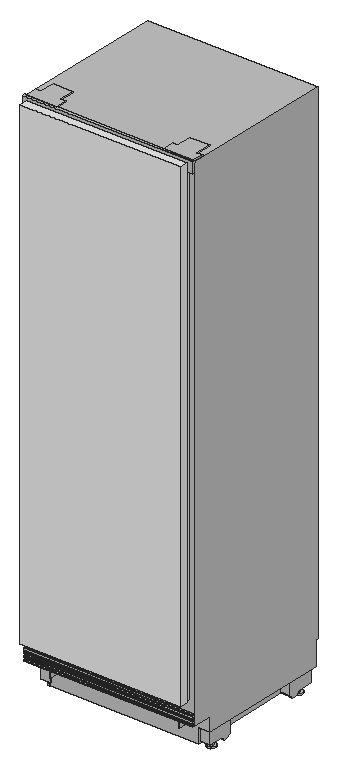
Revit family "FP-Revit18-en-RS2474F3LJ1-Freezer-0-US-CA-90002450A", category Specialty Equipment, Revit 2018
Family settings
  Round Connector Dimension = Use Diameter
  Part Type = Normal
  OmniClass Number = 23.40.40.11.11
  OmniClass Title = Refrigerators and Freezers
  Work Plane-Based = No
  Always vertical = Yes
  Cut with Voids When Loaded = Yes
  Shared = No
  Room Calculation Point = No
Parameters (values of type "RS2474F3LJ1")
  Visibility - Toe Kick Panel [instance] = no
  Visibility - Clearance Required [instance] = yes
  URL = "www.fisherpaykel.com"
  Panel - Width [instance] = 592 mm
  Panel - Thickness [instance] = 19 mm
  Panel - FFL to Bottom of Bottom Panel (15mm - 150mm) [instance] = 102 mm
  Toe Kick - Recess [instance] = 63 mm
  Stainless Steel Door Panels (RD2474L) [instance] = no
  Product - Width = 592 mm  # constant formula
  Product - Height [instance] = ([Cavity - Height (1870mm - 1890mm)])  # 1880 mm
  Product - Depth (exl front panel) = 579 mm  # constant formula
  Model = "RS2474F3LJ1"
  Material - Door Structure = Fisher & Paykel - White
  Material - Door Front [instance] = Fisher & Paykel - Stainless Steel
  Material - Body = Fisher & Paykel - Grey
  Manufacturer = "Fisher & Paykel Appliances"
  Handle Style - Professional Round Flush (AHP3RDS74) [instance] = no
  Handle Style - Contemporary Square Fine Black (AHD5RDS74B) [instance] = no
  Handle Style - Contemporary Square Fine (AHD5RDS74) [instance] = no
  Handle Style - Contemporary Round (AHSRDS74) [instance] = no
  Handle Style - Classic Round (AHCLRDSF) [instance] = no
  Description = "24\" Integrated Freezer"
  Connector Description - Water = "min 275 kPa (40 psi) max 827 kPa (120 psi)"
  Connector Description - Electrical = "120 V, 60 Hz, 10 A circuit"
  Cavity - Width = 600 mm  # constant formula
  Cavity - Height (1870mm - 1890mm) [instance] = 1880 mm
  Panel - FFL to Top of Top Panel (1867mm min) [instance] = 1877 mm
  Cavity - Depth (600mm min with services external) = 600 mm
Reference planes
  plane 1 "Datum": y = 0
  plane 2: z = 0
  plane 3 "Center (Left/Right)": x = 0
  plane 4 "Product LHS": x = -296
  plane 5 "Product RHS": x = 296
  plane 6 "Product - Depth": y = 579
  plane 7: x = -300
  plane 8: x = 300
  plane 9 "Cavity - Depth": y = 581
  plane 10 "Product Height": z = 1880
  plane 11 "Cavity Height": z = 1880
  plane 12 "Panel Thickness": y = -19
  plane 13 "Base": z = 14.497
Forms (mm)
  Extrusion 1, solid, material "Fisher & Paykel - Grey" <- "Material - Body"
    sketch origin (0, 0, 0) x (0, 1, 0) y (0, 0, 1)
      loop
        line (108, 62.997) -> (571.5, 62.997) -> (571.5, 149.997) -> (579, 149.997) -> (579, 1875.998) -> (42.5, 1875.998) -> (42.5, 110.697) -> (108, 110.697) -> (108, 62.997)
    from -296 to 296
  Extrusion 2, solid, material "Fisher & Paykel - Grey" <- "Material - Body"
    sketch origin (0, 0, 0) x (1, 0, 0) y (0, 0, 1)
      loop
        circle (87.23, 31.993) r 5
      loop
        circle (-241.922, 42) r 6
    from -579 to -571.5
  Extrusion 3, solid, material "Fisher & Paykel - Stainless Steel" <- "Material - Door Front", visible <- "Stainless Steel Door Panels (RD2474L)"
    sketch origin (0, 0, 21.503) x (0, 1, 0) y (0, 0, 1)
      loop
        line (-19, 1855.497) -> (-19, 80.497) -> (0, 80.497) -> (0, 1855.497) -> (-19, 1855.497)
    from -296 to 296
  Extrusion 4, solid, material "Fisher & Paykel - Clearance Required", visible <- "Visibility - Clearance Required", detail levels coarse
    sketch origin (0, 0, 0) x (1, 0, 0) y (0, 1, 0)
      loop
        line (-300, 581) -> (-300, 0) -> (300, 0) -> (300, 581) -> (-300, 581)
    from 0 to 1880
  Extrusion 5, solid, material "Fisher & Paykel - White" <- "Material - Door Structure"
    sketch origin (0, 0, 0) x (1, 0, 0) y (0, 1, 0)
      loop
        line (-280, 28.4) -> (-280, 0) -> (280, 0) -> (280, 28.4) -> (-280, 28.4)
    from 183.947 to 1872.747
  Extrusion 6, solid, material "Fisher & Paykel - White" <- "Material - Door Structure"
    sketch origin (0, 0, 0) x (1, 0, 0) y (0, 1, 0)
      loop
        line (-274.25, 42.5) -> (-274.25, 28.4) -> (274.25, 28.4) -> (274.25, 42.5) -> (-274.25, 42.5)
    from 185.35 to 1838.148
  Extrusion 7, solid, material "Fisher & Paykel - Clearance Required", visible <- "Visibility - Clearance Required", detail levels coarse
    sketch origin (0, -8.858, 0) x (1, 0, 0) y (0, 1, 0)
      loop
        line (-299.146, -10.142) -> (-539.267, -525.083)
        arc (-539.267, -525.083) -> (23.116, -502.405) -> (296, -10.142) r 574.255
        line (296, -10.142) -> (-299.146, -10.142)
    from 0 to 1880
  Extrusion 8, solid, material "Fisher & Paykel - Grey" <- "Material - Body", detail levels fine
    sketch origin (0, 0, 0) x (0, 1, 0) y (0, 0, 1)
      loop
        line (35.5, 149.997) -> (35.5, 145.997) -> (42.5, 145.997) -> (42.5, 149.997) -> (35.5, 149.997)
      loop
        line (35.5, 138.233) -> (35.5, 134.233) -> (42.5, 134.233) -> (42.5, 138.233) -> (35.5, 138.233)
      loop
        line (35.5, 114.697) -> (35.5, 110.697) -> (42.5, 110.697) -> (42.5, 114.697) -> (35.5, 114.697)
      loop
        line (35.5, 126.467) -> (35.5, 122.467) -> (42.5, 122.467) -> (42.5, 126.467) -> (35.5, 126.467)
      loop
        line (33.5, 1880) -> (33.5, 1842.094) -> (42.5, 1842.094) -> (42.5, 1880) -> (33.5, 1880)
    from -296 to 296
  Extrusion 9, solid, material "Fisher & Paykel - Grey" <- "Material - Body"
    sketch origin (0, 0, 0) x (0, 1, 0) y (0, 0, 1)
      loop
        line (108, 62.997) -> (108, 14.497) -> (571.5, 14.497) -> (571.5, 62.997) -> (108, 62.997)
    from -259 to 259
  Extrusion 10, solid, material "Fisher & Paykel - Grey" <- "Material - Body"
    sketch origin (0, 0, 0) x (0, 1, 0) y (0, 0, 1)
      loop
        line (199.5, 62.997) -> (109.5, 62.997) -> (109.5, 21.997) -> (161.836, 21.997)
        arc (161.836, 21.997) -> (180.668, 9.967) -> (199.5, 21.997) r 20.754
        line (199.5, 21.997) -> (199.5, 62.997)
      loop
        line (460.586, 62.997) -> (460.586, 21.997)
        arc (460.586, 21.997) -> (479.418, 9.967) -> (498.25, 21.997) r 20.754
        line (498.25, 21.997) -> (550.586, 21.997) -> (550.586, 62.997) -> (460.586, 62.997)
    from 259 to 294
  Extrusion 11, solid, material "Fisher & Paykel - Grey" <- "Material - Body", detail levels fine
    sketch origin (0, 0, 0) x (1, 0, 0) y (0, 1, 0)
      loop
        line (-273, 136.5) -> (-273, 82.6) -> (-291, 82.6) -> (-291, 42.5) -> (-187, 42.5) -> (-187, 82.6) -> (-205, 82.6) -> (-205, 136.5) -> (-273, 136.5)
      loop
        line (273, 136.5) -> (205, 136.5) -> (205, 82.6) -> (187, 82.6) -> (187, 42.5) -> (291, 42.5) -> (291, 82.6) -> (273, 82.6) -> (273, 136.5)
    from 1875.998 to 1880
  Extrusion 12, solid, material "Fisher & Paykel - Stainless Steel" <- "Material - Door Front", visible <- "Visibility - Toe Kick Panel"
    sketch origin (0, 0, 0) x (0, 1, 0) y (0, 0, 1)
      loop
        line (44, 110) -> (44, 0) -> (63, 0) -> (63, 110) -> (44, 110)
    from -296 to 296
  Extrusion 13, solid, material "Fisher & Paykel - Grey" <- "Material - Body", detail levels fine
    sketch origin (0, 0, 0) x (1, 0, 0) y (0, 1, 0)
      loop
        circle (276.5, 140.6) r 15
      loop
        circle (276.5, 519.6) r 15
      loop
        circle (-276.5, 140.6) r 15
      loop
        circle (-276.5, 519.6) r 15
    from 0 to 3
  Extrusion 14, solid, material "Fisher & Paykel - Grey" <- "Material - Body", detail levels fine
    sketch origin (0, 0, 0) x (1, 0, 0) y (0, 1, 0)
      loop
        circle (276.5, 140.6) r 5
      loop
        circle (276.5, 519.6) r 5
      loop
        circle (-276.5, 140.6) r 5
      loop
        circle (-276.5, 519.6) r 5
    from 3 to 21.997
  Extrusion 15, solid, material "Fisher & Paykel - Grey" <- "Material - Body", detail levels fine
    sketch origin (0, 0, 0) x (0, 1, 0) y (0, 0, 1)
      loop
        line (63.1, 70.7) -> (108, 70.7) -> (108, 110.697) -> (63.1, 110.697) -> (63.1, 70.7)
    from 224 to 226
  Extrusion 16, solid, material "Fisher & Paykel - Grey" <- "Material - Body", detail levels fine
    sketch origin (0, 0, 0) x (0, 1, 0) y (0, 0, -1)
      loop
        line (63.1, -70.7) -> (63.1, -110.697) -> (108, -110.697) -> (108, -70.7) -> (63.1, -70.7)
    from 224 to 226
  Extrusion 17, solid, material "Fisher & Paykel - Grey" <- "Material - Body"
    sketch origin (0, 0, 0) x (0, 1, 0) y (0, 0, -1)
      loop
        line (199.5, -62.997) -> (199.5, -21.997)
        arc (199.5, -21.997) -> (180.668, -9.967) -> (161.836, -21.997) r 20.754
        line (161.836, -21.997) -> (109.5, -21.997) -> (109.5, -62.997) -> (199.5, -62.997)
      loop
        line (460.586, -62.997) -> (550.586, -62.997) -> (550.586, -21.997) -> (498.25, -21.997)
        arc (498.25, -21.997) -> (479.418, -9.967) -> (460.586, -21.997) r 20.754
        line (460.586, -21.997) -> (460.586, -62.997)
    from 259 to 294
  Extrusion 18, void
    sketch origin (0, 1060, 0) x (1, 0, 0) y (0, 1, 0)
      loop
        line (-300, -479) -> (-300, -1079) -> (300, -1079) -> (300, -479) -> (-300, -479)
    from 0 to 1880
Cuts and joins
  joined: Extrusion 1, Extrusion 9, Extrusion 10
Text (mm)
  text "Due to ongoing product development, product details are subject to change without notice. \nPlease always refer to www.fisherpaykel.com for the most current product information. \n© Fisher & Paykel 2020" at (41.04, -678.295, 0), in view "Ref. Level (Plan)"
Dimensions and locks
  equal spacing: plane 4 "Product LHS", plane 3 "Center (Left/Right)", plane 5 "Product RHS"
  "Product - Width": plane 4 "Product LHS" to plane 5 "Product RHS"
  "Product - Depth (exl front panel)": plane 1 "Datum" to plane 6 "Product - Depth"
  equal spacing: plane 7, plane 3 "Center (Left/Right)", plane 8
  "Cavity - Width": plane 7 to plane 8
  Extrusion 2 sketch curve to plane 5 "Product RHS" = 208.77 mm
  plane 4 "Product LHS" to Extrusion 2 sketch curve = 54.078 mm
  "Cavity - Height (1870mm - 1890mm)": plane 11 "Cavity Height" to level
  locked: cut or joined group of Extrusion 1, Extrusion 9, Extrusion 10 to plane 10 "Product Height" at 4.002
  "Panel - Thickness": Extrusion 12 to Extrusion 12
  "Toe Kick - Recess": plane 1 "Datum" to Extrusion 12
  "Panel - Thickness": plane 12 "Panel Thickness" to plane 1 "Datum"
  plane 13 "Base" to level = 14.497 mm
  locked: plane 10 "Product Height" to plane 13 "Base" at 1865.503
  locked: plane 10 "Product Height" to plane 11 "Cavity Height" at 0
  locked: cut or joined group of Extrusion 1, Extrusion 9, Extrusion 10 to plane 13 "Base" at 96.2
  locked: cut or joined group of Extrusion 1, Extrusion 9, Extrusion 10 to plane 13 "Base" at 7.5
  locked: Extrusion 5 to plane 13 "Base" at 169.45
  locked: Extrusion 6 to plane 13 "Base" at 1823.65
  locked: Extrusion 5 to plane 13 "Base" at 1858.25
  locked: Extrusion 12 to cut or joined group of Extrusion 1, Extrusion 9, Extrusion 10 at 0.697
  locked: Extrusion 15 to plane 13 "Base" at 56.203
  locked: plane 13 "Base" to Extrusion 6 at 170.853
  locked: Extrusion 8 to plane 13 "Base" at 1827.596
  "Panel - FFL to Top of Top Panel (1867mm min)": Extrusion 3 to level
  "Panel - FFL to Bottom of Bottom Panel (15mm - 150mm)": Extrusion 3 to level
  equal spacing: Extrusion 3, plane 3 "Center (Left/Right)", Extrusion 3
  "Panel - Width": Extrusion 3 to Extrusion 3
  locked: nested 1 to plane 13 "Base" at 1400.997
  "Cavity - Depth (600mm min with services external)": plane 12 "Panel Thickness" to plane 9 "Cavity - Depth"
  locked: nested 2 to plane 13 "Base" at 549
  locked: nested 1 to plane 13 "Base" at 548.997
  locked: nested 3 to plane 13 "Base" at 574.5
  nested 2 to plane 5 "Product RHS" = 62 mm
  locked: nested 5 to plane 13 "Base" at 587.85
  locked: nested 4 to plane 13 "Base" at 602.85
  radius of Extrusion 2 sketch curve = 5 mm
  aligned and locked: level to plane 2
  aligned and locked: Extrusion 1 to plane 5 "Product RHS"
  aligned and locked: plane 4 "Product LHS" to Extrusion 1
  aligned and locked: Extrusion 11 to cut or joined group of Extrusion 1, Extrusion 9, Extrusion 10
  aligned and locked: Extrusion 2 to cut or joined group of Extrusion 1, Extrusion 9, Extrusion 10
  aligned and locked: Extrusion 4 to plane 11 "Cavity Height"
  aligned and locked: Extrusion 8 to plane 10 "Product Height"
  aligned and locked: Extrusion 11 to plane 10 "Product Height"
  aligned and locked: Extrusion 3 to Extrusion 7
  aligned and locked: Extrusion 9 to plane 13 "Base"
  aligned and locked: cut or joined group of Extrusion 1, Extrusion 9, Extrusion 10 to cut or joined group of Extrusion 1, Extrusion 9, Extrusion 10  (x4)
  aligned and locked: Extrusion 15 to cut or joined group of Extrusion 1, Extrusion 9, Extrusion 10
  aligned and locked: Extrusion 8 to cut or joined group of Extrusion 1, Extrusion 9, Extrusion 10
  aligned and locked: Extrusion 16 to Extrusion 8
  aligned and locked: Extrusion 16 to Extrusion 15
  aligned and locked: Extrusion 10 to Extrusion 1
  aligned and locked: Extrusion 14 to cut or joined group of Extrusion 1, Extrusion 9, Extrusion 10
  aligned and locked: Extrusion 7 to plane 11 "Cavity Height"
  aligned and locked: plane 12 "Panel Thickness" to nested 2
  aligned and locked: plane 12 "Panel Thickness" to nested 3
  aligned and locked: plane 12 "Panel Thickness" to Extrusion 18
  aligned and locked: Extrusion 18 to plane 10 "Product Height"
  aligned and locked: Extrusion 18 to level
  aligned and locked: plane 9 "Cavity - Depth" to Extrusion 18
  aligned and locked: Extrusion 18 to plane 8
  aligned and locked: Extrusion 18 to plane 7
  aligned and locked: plane 12 "Panel Thickness" to nested 4
  aligned and locked: plane 12 "Panel Thickness" to nested 5
Automatic sketch dimensions
  Extrusion 1 sketch curve to plane 6 "Product - Depth" = 0 mm
  Extrusion 1 sketch curve to plane 6 "Product - Depth" = 7.5 mm
  plane 13 "Base" to Extrusion 1 sketch curve = 48.5 mm
  Extrusion 1 sketch curve to plane 1 "Datum" = 108 mm
  plane 10 "Product Height" to Extrusion 1 sketch curve = 4.002 mm
  Extrusion 1 sketch curve to plane 1 "Datum" = 42.5 mm
  Extrusion 1 sketch curve to Extrusion 1 sketch curve = 47.7 mm
  Extrusion 1 sketch curve to Extrusion 1 sketch curve = 87 mm
  plane 13 "Base" to Extrusion 2 sketch curve = 17.495 mm
  plane 13 "Base" to Extrusion 2 sketch curve = 27.503 mm
  Extrusion 3 sketch curve to plane 12 "Panel Thickness" = 0 mm
  Extrusion 3 sketch curve to plane 1 "Datum" = 0 mm
  plane 13 "Base" to Extrusion 3 sketch curve = 87.503 mm
  plane 10 "Product Height" to Extrusion 3 sketch curve = 3 mm
  plane 1 "Datum" to Extrusion 4 sketch curve = 0 mm
  Extrusion 4 sketch curve to plane 7 = 0 mm
  Extrusion 4 sketch curve to plane 8 = 0 mm
  Extrusion 4 sketch curve to plane 9 "Cavity - Depth" = 0 mm
  plane 1 "Datum" to Extrusion 5 sketch curve = 0 mm
  Extrusion 5 sketch curve to plane 4 "Product LHS" = 16 mm
  plane 5 "Product RHS" to Extrusion 5 sketch curve = 16 mm
  Extrusion 5 sketch curve to plane 1 "Datum" = 28.4 mm
  Extrusion 6 sketch curve to plane 4 "Product LHS" = 21.75 mm
  plane 5 "Product RHS" to Extrusion 6 sketch curve = 21.75 mm
  Extrusion 6 sketch curve to plane 1 "Datum" = 28.4 mm
  Extrusion 6 sketch curve to Extrusion 6 sketch curve = 14.1 mm
  plane 12 "Panel Thickness" to Extrusion 7 sketch curve = 0 mm
  Extrusion 7 sketch curve to plane 5 "Product RHS" = 0 mm
  plane 12 "Panel Thickness" to Extrusion 7 sketch curve = 3.437 mm
  Extrusion 7 sketch curve to plane 4 "Product LHS" = 17.755 mm
  Extrusion 7 sketch curve to plane 7 = 0.854 mm
  plane 7 to Extrusion 7 sketch curve = 239.267 mm
  plane 10 "Product Height" to Extrusion 8 sketch curve = 0 mm
  Extrusion 8 sketch curve to plane 1 "Datum" = 33.5 mm
  Extrusion 8 sketch curve to plane 1 "Datum" = 35.5 mm
  Extrusion 8 sketch curve to Extrusion 8 sketch curve = 0 mm  (x3)
  Extrusion 8 sketch curve to Extrusion 8 sketch curve = 7 mm  (x4)
  Extrusion 8 sketch curve to Extrusion 8 sketch curve = 9 mm
  Extrusion 8 sketch curve to Extrusion 8 sketch curve = 37.906 mm
  plane 13 "Base" to Extrusion 8 sketch curve = 135.5 mm
  Extrusion 8 sketch curve to Extrusion 8 sketch curve = 4 mm  (x4)
  Extrusion 8 sketch curve to Extrusion 8 sketch curve = 7.764 mm
  Extrusion 8 sketch curve to Extrusion 8 sketch curve = 7.767 mm
  Extrusion 8 sketch curve to Extrusion 8 sketch curve = 7.769 mm
  Extrusion 9 sketch curve to plane 13 "Base" = 0 mm
  Extrusion 9 sketch curve to plane 1 "Datum" = 108 mm
  Extrusion 9 sketch curve to plane 6 "Product - Depth" = 7.5 mm
  Extrusion 9 sketch curve to Extrusion 9 sketch curve = 48.5 mm
  plane 13 "Base" to Extrusion 10 sketch curve = 48.5 mm
  Extrusion 10 sketch curve to plane 1 "Datum" = 109.5 mm
  plane 13 "Base" to Extrusion 10 sketch curve = 7.5 mm  (x2)
  Extrusion 10 sketch curve to Extrusion 10 sketch curve = 52.336 mm
  Extrusion 10 sketch curve to Extrusion 10 sketch curve = 18.832 mm  (x4)
  Extrusion 10 sketch curve to plane 6 "Product - Depth" = 118.414 mm
  Extrusion 10 sketch curve to plane 6 "Product - Depth" = 28.414 mm
  plane 13 "Base" to Extrusion 10 sketch curve = 16.224 mm  (x2)
  Extrusion 10 sketch curve to Extrusion 10 sketch curve = 41 mm
  Extrusion 11 sketch curve to plane 4 "Product LHS" = 5 mm
  Extrusion 11 sketch curve to Extrusion 11 sketch curve = 18 mm  (x3)
  Extrusion 11 sketch curve to Extrusion 11 sketch curve = 68 mm
  plane 5 "Product RHS" to Extrusion 11 sketch curve = 109 mm
  plane 5 "Product RHS" to Extrusion 11 sketch curve = 23 mm
  plane 5 "Product RHS" to Extrusion 11 sketch curve = 5 mm
  Extrusion 11 sketch curve to plane 1 "Datum" = 42.5 mm  (x2)
  Extrusion 11 sketch curve to Extrusion 11 sketch curve = 40.1 mm  (x4)
  Extrusion 11 sketch curve to Extrusion 11 sketch curve = 53.9 mm  (x2)
  Extrusion 12 sketch curve to level = 0 mm
  Extrusion 12 sketch curve to plane 1 "Datum" = 44 mm
  Extrusion 12 sketch curve to Extrusion 12 sketch curve = 19 mm
  plane 13 "Base" to Extrusion 12 sketch curve = 95.503 mm
  Extrusion 13 sketch curve to plane 4 "Product LHS" = 19.5 mm  (x2)
  plane 5 "Product RHS" to Extrusion 13 sketch curve = 19.5 mm  (x2)
  Extrusion 13 sketch curve to plane 1 "Datum" = 140.6 mm  (x2)
  Extrusion 13 sketch curve to plane 6 "Product - Depth" = 59.4 mm  (x2)
  Extrusion 14 sketch curve to plane 4 "Product LHS" = 19.5 mm  (x2)
  plane 5 "Product RHS" to Extrusion 14 sketch curve = 19.5 mm  (x2)
  Extrusion 14 sketch curve to plane 1 "Datum" = 140.6 mm  (x2)
  Extrusion 14 sketch curve to plane 6 "Product - Depth" = 59.4 mm  (x2)
  Extrusion 15 sketch curve to plane 1 "Datum" = 63.1 mm
  Extrusion 15 sketch curve to Extrusion 15 sketch curve = 44.9 mm
  plane 13 "Base" to Extrusion 15 sketch curve = 56.203 mm
  Extrusion 15 sketch curve to Extrusion 15 sketch curve = 39.997 mm
  Extrusion 16 sketch curve to plane 1 "Datum" = 63.1 mm
  Extrusion 16 sketch curve to Extrusion 16 sketch curve = 44.9 mm
  plane 13 "Base" to Extrusion 16 sketch curve = 96.2 mm
  Extrusion 16 sketch curve to Extrusion 16 sketch curve = 39.997 mm
  plane 13 "Base" to Extrusion 17 sketch curve = 48.5 mm
  Extrusion 17 sketch curve to plane 1 "Datum" = 109.5 mm
  plane 13 "Base" to Extrusion 17 sketch curve = 7.5 mm  (x2)
  Extrusion 17 sketch curve to Extrusion 17 sketch curve = 52.336 mm
  Extrusion 17 sketch curve to Extrusion 17 sketch curve = 18.832 mm  (x4)
  Extrusion 17 sketch curve to plane 6 "Product - Depth" = 118.414 mm
  Extrusion 17 sketch curve to plane 6 "Product - Depth" = 28.414 mm
  Extrusion 17 sketch curve to Extrusion 17 sketch curve = 41 mm
  plane 13 "Base" to Extrusion 17 sketch curve = 16.224 mm  (x2)
  Extrusion 18 sketch curve to plane 7 = 0 mm
  Extrusion 18 sketch curve to plane 8 = 0 mm
  Extrusion 18 sketch curve to plane 9 "Cavity - Depth" = 600 mm
  Extrusion 18 sketch curve to Extrusion 18 sketch curve = 600 mm
  radius of Extrusion 2 sketch curve = 6 mm
  radius of Extrusion 13 sketch curve = 15 mm  (x4)
  radius of Extrusion 14 sketch curve = 5 mm  (x4)
Nested families
  nested 1: "F&P Handle Kit - Contemporary Square Fine - Vertical" at (234, -19, 989.495), visible <- "Handle Style - Contemporary Square Fine (AHD5RDS74)", type "AHD5RDS74 - Contemporary square fine handle 852mm"
  nested 2: "F&P Handle Kit - Contemporary Square Fine - Vertical" at (234, -19, 989.497), visible <- "Handle Style - Contemporary Square Fine Black (AHD5RDS74B)", type "AHD5RDS74B - Contemporary square fine black handle 852mm"
  nested 3: "F&P Handle Kit - Professional Round Flush - Vertical" at (234, -19, 989.497), visible <- "Handle Style - Professional Round Flush (AHP3RDS74)", type "AHP3RDS74 - Professional round flush handle 801mm"
  nested 4: "F&P Handle Kit - Classic Round - Vertical" at (234, -19, 1028.347), visible <- "Handle Style - Classic Round (AHCLRDSF)", type "26591 AHCLRDSF US - Classic round handle (Vertical) 822mm"
  nested 5: "F&P Handle Kit - Contemporary Round - Vertical" at (234, -19, 1028.347), visible <- "Handle Style - Contemporary Round (AHSRDS74)", type "26238 AHSRDS74 - Contemporary round handle (vertical) 852mm"
Connectors
  electrical at (87.23, 579, 31.993), driven by "Connector Description - Electrical"
    settings: on Extrusion 2, index 1, voltage 120 V, apparent load 0 VA, apparent load phase1 0 VA, apparent load phase2 0 VA, apparent load phase3 0 VA, power factor 1, load classification "Other", number of poles 1, system type 30, power factor state 1, is connector primary yes, connector utility no, sub classification motor no, connector description "120 V, 60 Hz, 10 A circuit"
  piping at (-241.922, 579, 42), diameter 11, driven by "Connector Description - Water"
    settings: on Extrusion 2, index 2, connector inside diameter 609.6 mm, connector length 0 mm, flow factor 0, pipe flow 0.0 L/s, pressure drop 0.0 Pa, fitting loss kfactor 0, connector angle 0.00°, fixture units 0, engagement length 0 mm, angle of deflection 0.00°, flow configuration 0, flow direction 1, fitting loss method 0, system type 20, joint type 0, gender type 0, connector reference index -1, connector utility 0, adjustable connector no, is connector primary yes, connector description "min 275 kPa (40 psi) max 827 kPa (120 psi)"
Definition of nested family "F&P Handle Kit - Contemporary Square Fine - Vertical"
  Parameters (values of type "AHD5RDS19 - Contemporary square fine handle 852mm")
    URL = "www.fisherpaykel.com"
    Material - Handle = none
    Manufacturer = "Fisher & Paykel Appliances"
    Handle - Length = 852 mm
  Types (22, lengths in mm): name | Handle - Length
    AHD5RD2484W - Contemporary square fine handle (1 of 2) (Vertical) 727mm | 727
    AHD5RD2484WB - Contemporary square fine black handle (1 of 2) (Vertical) 727mm | 727
    AHD5RD3084W - Contemporary square fine handle (1 of 2) (Vertical) 727mm | 727
    AHD5RD3084WB - Contemporary square fine black handle (1 of 2) (Vertical) 727mm | 727
    AHD5RD6121W - Contemporary square fine handle (1 of 2) (Vertical) 727mm | 727
    AHD5RD6121WB - Contemporary square fine black handle (1 of 2) (Vertical) 727mm | 727
    AHD5RD7621W - Contemporary square fine handle (1 of 2) (Vertical) 727mm | 727
    AHD5RD7621WB - Contemporary square fine black handle (1 of 2) (Vertical) 727mm | 727
    AHD5RD36A - Contemporary square fine handle (1 of 2) (Vertical) 727mm | 727
    AHD5RD36AB - Contemporary square fine black handle (1 of 2) (Vertical) 727mm | 727
    AHD5RD80A - Contemporary square fine handle (1 of 2) (Vertical) 727mm | 727
    AHD5RD90A - Contemporary square fine handle (1 of 2) (Vertical) 727mm | 727
    AHD5RD80AB - Contemporary square fine black handle (1 of 2) (Vertical) 727mm | 727
    AHD5RD90AB - Contemporary square fine black handle (1 of 2) (Vertical) 727mm | 727
    AHD5RD36W - Contemporary square fine handle (1 of 2) (Vertical) 727mm | 727
    AHD5RD36WB - Contemporary square fine handle (1 of 2) (Vertical) 727mm | 727
    AHD5RD9120WB - Contemporary square fine handle (1 of 2) (Vertical) 727mm | 727
    AHD5RD9120W - Contemporary square fine handle (1 of 2) (Vertical) 727mm | 727
    AHD5RDS19B - Contemporary square fine black handle 852mm | 852
    AHD5RDS19 - Contemporary square fine handle 852mm | 852
    AHD5RDS74B - Contemporary square fine black handle 852mm | 852
    AHD5RDS74 - Contemporary square fine handle 852mm | 852
  Reference planes
    plane 1 "Center (Front/Back)": y = 0
    plane 2: z = 0
    plane 3 "Center (Left/Right)": x = 0
    plane 4 "Top": z = 426
    plane 5 "Bottom": z = -426
    plane 6 "Top Standoff": z = 306
    plane 7 "Bottom Standoff": z = -306
  Forms (mm)
    Extrusion 1, solid, material <- "Material - Handle", detail levels fine
      sketch origin (0, 0, 0) x (1, 0, 0) y (0, 1, 0)
        loop
          arc (-6.16, -26.813) -> (-6.554, -27.196) -> (-6.686, -27.728) r 1
          line (-6.686, -27.728) -> (-6.256, -40.035)
          arc (-6.256, -40.035) -> (-5.951, -40.719) -> (-5.257, -41) r 1
          line (-5.257, -41) -> (5.257, -41)
          arc (5.257, -41) -> (5.951, -40.719) -> (6.256, -40.035) r 1
          line (6.256, -40.035) -> (6.686, -27.709)
          arc (6.686, -27.709) -> (6.554, -27.175) -> (6.158, -26.792) r 1
          arc (6.158, -26.792) -> (-0.004, -25.256) -> (-6.16, -26.813) r 13.038
      from -426 to 426
    Extrusion 2, solid, material <- "Material - Handle", detail levels fine
      sketch origin (0, 0, 0) x (1, 0, 0) y (0, 1, 0)
        loop
          arc (6.012, -26.626) -> (6.494, -26.614) -> (6.741, -26.2) r 0.5
          line (6.741, -26.2) -> (7.7, 0) -> (-7.7, 0) -> (-6.742, -26.174)
          arc (-6.742, -26.174) -> (-6.496, -26.587) -> (-6.015, -26.6) r 0.5
          arc (-6.015, -26.6) -> (0.002, -25.156) -> (6.012, -26.626) r 13.136
      from 306 to 426
    Extrusion 3, solid, material <- "Material - Handle", detail levels coarse+medium
      sketch origin (0, 0, 0) x (0, 1, 0) y (0, 0, 1)
        loop
          line (0, 426) -> (-42, 426) -> (-42, -426) -> (0, -426) -> (0, -306) -> (-26.245, -306) -> (-26.245, 306) -> (0, 306) -> (0, 426)
      from -8 to 8
    Extrusion 4, solid, material <- "Material - Handle", detail levels fine
      sketch origin (0, 0, 0) x (1, 0, 0) y (0, 1, 0)
        loop
          arc (6.012, -26.626) -> (6.494, -26.614) -> (6.741, -26.2) r 0.5
          line (6.741, -26.2) -> (7.7, 0) -> (-7.7, 0) -> (-6.742, -26.174)
          arc (-6.742, -26.174) -> (-6.496, -26.587) -> (-6.015, -26.6) r 0.5
          arc (-6.015, -26.6) -> (0.002, -25.156) -> (6.012, -26.626) r 13.136
      from -426 to -306
  Dimensions and locks
    equal spacing: plane 4 "Top", level, plane 5 "Bottom"
    "Handle - Length": plane 4 "Top" to plane 5 "Bottom"
    locked: plane 4 "Top" to plane 6 "Top Standoff" at 120
    locked: plane 7 "Bottom Standoff" to plane 5 "Bottom" at 120
    aligned and locked: level to plane 2
    aligned and locked: plane 4 "Top" to Extrusion 2
    aligned and locked: Extrusion 2 to plane 6 "Top Standoff"
    aligned and locked: plane 4 "Top" to Extrusion 1
    aligned and locked: Extrusion 1 to plane 5 "Bottom"
    aligned and locked: plane 4 "Top" to Extrusion 3 sketch curve
    aligned and locked: plane 6 "Top Standoff" to Extrusion 3 sketch curve
    aligned and locked: plane 7 "Bottom Standoff" to Extrusion 3 sketch curve
    aligned and locked: plane 5 "Bottom" to Extrusion 3 sketch curve
    aligned and locked: Extrusion 4 to plane 5 "Bottom"
    aligned and locked: plane 7 "Bottom Standoff" to Extrusion 4
  Automatic sketch dimensions
    Extrusion 1 sketch curve to plane 3 "Center (Left/Right)" = 6.686 mm
    Extrusion 1 sketch curve to plane 3 "Center (Left/Right)" = 6.256 mm
    Extrusion 1 sketch curve to Extrusion 1 sketch curve = 0.999 mm  (x4)
    plane 3 "Center (Left/Right)" to Extrusion 1 sketch curve = 0.018 mm
    plane 3 "Center (Left/Right)" to Extrusion 1 sketch curve = 5.257 mm
    plane 3 "Center (Left/Right)" to Extrusion 1 sketch curve = 5.687 mm
    plane 1 "Center (Front/Back)" to Extrusion 1 sketch curve = 41 mm
    Extrusion 1 sketch curve to Extrusion 1 sketch curve = 0.965 mm  (x2)
    Extrusion 1 sketch curve to Extrusion 1 sketch curve = 1.706 mm
    Extrusion 1 sketch curve to Extrusion 1 sketch curve = 12.307 mm
    Extrusion 1 sketch curve to Extrusion 1 sketch curve = 12.326 mm
    Extrusion 1 sketch curve to Extrusion 1 sketch curve = 0.035 mm  (x2)
    Extrusion 1 sketch curve to Extrusion 1 sketch curve = 0 mm
    plane 1 "Center (Front/Back)" to Extrusion 2 sketch curve = 0 mm
    Extrusion 2 sketch curve to plane 3 "Center (Left/Right)" = 7.7 mm
    Extrusion 2 sketch curve to plane 3 "Center (Left/Right)" = 6.742 mm
    Extrusion 2 sketch curve to Extrusion 2 sketch curve = 0.5 mm  (x2)
    Extrusion 2 sketch curve to plane 3 "Center (Left/Right)" = 0.026 mm
    plane 3 "Center (Left/Right)" to Extrusion 2 sketch curve = 6.242 mm
    plane 3 "Center (Left/Right)" to Extrusion 2 sketch curve = 7.7 mm
    plane 1 "Center (Front/Back)" to Extrusion 2 sketch curve = 26.155 mm
    Extrusion 2 sketch curve to Extrusion 2 sketch curve = 0.018 mm  (x2)
    Extrusion 2 sketch curve to Extrusion 2 sketch curve = 0.026 mm
    Extrusion 2 sketch curve to Extrusion 2 sketch curve = 12.11 mm
    Extrusion 2 sketch curve to Extrusion 2 sketch curve = 0 mm
    plane 1 "Center (Front/Back)" to Extrusion 3 sketch curve = 42 mm
    Extrusion 3 sketch curve to Extrusion 3 sketch curve = 15.755 mm
    Extrusion 3 sketch curve to Extrusion 3 sketch curve = 42 mm  (x2)
    Extrusion 4 sketch curve to plane 3 "Center (Left/Right)" = 7.7 mm
    Extrusion 4 sketch curve to plane 3 "Center (Left/Right)" = 6.742 mm
    Extrusion 4 sketch curve to Extrusion 4 sketch curve = 0.5 mm  (x2)
    Extrusion 4 sketch curve to plane 3 "Center (Left/Right)" = 0.026 mm
    plane 3 "Center (Left/Right)" to Extrusion 4 sketch curve = 6.242 mm
    plane 3 "Center (Left/Right)" to Extrusion 4 sketch curve = 7.7 mm
    plane 1 "Center (Front/Back)" to Extrusion 4 sketch curve = 38.291 mm
    Extrusion 4 sketch curve to Extrusion 4 sketch curve = 12.091 mm
    Extrusion 4 sketch curve to Extrusion 4 sketch curve = 0.018 mm  (x2)
    Extrusion 4 sketch curve to Extrusion 4 sketch curve = 0.452 mm
    Extrusion 4 sketch curve to Extrusion 4 sketch curve = 26.174 mm
    Extrusion 4 sketch curve to Extrusion 4 sketch curve = 0 mm
Definition of nested family "F&P Handle Kit - Professional Round Flush - Vertical"
  Parameters (values of type "AHP3RDS19 - Professional round flush handle 801mm")
    URL = "www.fisherpaykel.com"
    Material - Handle = none
    Manufacturer = "Fisher & Paykel Appliances"
    Handle - Length = 801 mm
  Types (8, lengths in mm): name | Handle - Length
    (no name) | 801
    AHP3RD2484W - Professional round flush handle (1 of 2) (Vertical) | 677
    AHP3RD3084W - Professional round flush handle (1 of 2) (Vertical) | 677
    AHP3-RD84 - Professional round flush handle 677mm | 677
    AHP3RD36W - Professional round flush handle (1 of 2) (Vertical) | 727
    AHP3RD36A - Professional round flush handle (1 of 2) (Vertical) | 727
    AHP3RDS19 - Professional round flush handle 801mm | 801
    AHP3RDS74 - Professional round flush handle 801mm | 801
  Reference planes
    plane 1 "Center (Front/Back)": y = 0
    plane 2: z = 0
    plane 3 "Center (Left/Right)": x = 0
    plane 4 "Top": z = 400.5
    plane 5 "Bottom": z = -400.5
    plane 6 "Top Standoff": z = 340.5
    plane 7 "Bottom Standoff": z = -340.5
  Forms (mm)
    Extrusion 1, solid, material <- "Material - Handle", detail levels fine
      sketch origin (0, 0, 0) x (1, 0, 0) y (0, 1, 0)
        loop
          arc (-12.817, -46.665) -> (0, -58.016) -> (12.817, -46.665) r 12.912
          line (12.817, -46.665) -> (18.5, 0) -> (-18.5, 0) -> (-12.817, -46.665)
      from 340.5 to 400.5
    Extrusion 2, solid, material <- "Material - Handle", detail levels fine
      sketch origin (0, 0, 0) x (1, 0, 0) y (0, 1, 0)
        loop
          arc (-12.817, -46.665) -> (0, -58.016) -> (12.817, -46.665) r 12.912
          line (12.817, -46.665) -> (18.5, 0) -> (-18.5, 0) -> (-12.817, -46.665)
      from -400.5 to -340.5
    Extrusion 3, solid, material <- "Material - Handle"
      sketch origin (0, 0, 0) x (1, 0, 0) y (0, 1, 0)
        loop
          circle (0, -45.116) r 12.7
      from -340.5 to 340.5
    Sweep 4, void
      path in 3D
        loop
          line (18.5, 0, 400.5) -> (12.817, -46.665, 400.5)
          arc (12.817, -46.665, 400.5) -> (0, -58.016, 400.5) -> (-12.817, -46.665, 400.5) r 12.912
          line (-12.817, -46.665, 400.5) -> (-18.5, 0, 400.5)
      profile origin (0, -58.016, 400.5) x (0, -1, 0) y (0, 0, 1)
        loop
          line (0, 0) -> (-1.5, 0) -> (0, -1.5) -> (0, 0)
    Sweep 5, void
      path in 3D
        loop
          line (-18.5, 0, -400.5) -> (-12.817, -46.665, -400.5)
          arc (-12.817, -46.665, -400.5) -> (0, -58.016, -400.5) -> (12.817, -46.665, -400.5) r 12.912
          line (12.817, -46.665, -400.5) -> (18.5, 0, -400.5)
      profile origin (0, -58.016, -400.5) x (0, -1, 0) y (0, 0, -1)
        loop
          line (0, 0) -> (-1.5, 0) -> (0, -1.5) -> (0, 0)
    Extrusion 6, solid, material <- "Material - Handle", detail levels coarse+medium
      sketch origin (0, 0, 0) x (1, 0, 0) y (0, 1, 0)
        loop
          arc (-12.817, -46.665) -> (0, -58.016) -> (12.817, -46.665) r 12.912
          line (12.817, -46.665) -> (18.5, 0) -> (-18.5, 0) -> (-12.817, -46.665)
      from 340.5 to 400.5
    Extrusion 7, solid, material <- "Material - Handle", detail levels coarse+medium
      sketch origin (0, 0, 0) x (1, 0, 0) y (0, 1, 0)
        loop
          arc (-12.817, -46.665) -> (0, -58.016) -> (12.817, -46.665) r 12.912
          line (12.817, -46.665) -> (18.5, 0) -> (-18.5, 0) -> (-12.817, -46.665)
      from -400.5 to -340.5
  Cuts and joins
    Sweep 4 cuts Extrusion 1
    Sweep 5 cuts Extrusion 2
  Lines and regions (mm)
    sketch lines
      curve 1: arc (12.817, -46.665, 400.5) -> (0, -58.016, 400.5) -> (-12.817, -46.665, 400.5) r 12.912
      curve 2: line (12.817, -46.665, 400.5) -> (18.5, 0, 400.5)
      curve 3: line (-18.5, 0, 400.5) -> (-12.817, -46.665, 400.5)
      curve 4: arc (-12.817, -46.665, -400.5) -> (0, -58.016, -400.5) -> (12.817, -46.665, -400.5) r 12.912
      curve 5: line (18.5, 0, -400.5) -> (12.817, -46.665, -400.5)
      curve 6: line (-12.817, -46.665, -400.5) -> (-18.5, 0, -400.5)
  Dimensions and locks
    equal spacing: plane 4 "Top", level, plane 5 "Bottom"
    "Handle - Length": plane 4 "Top" to plane 5 "Bottom"
    plane 4 "Top" to plane 6 "Top Standoff" = 60 mm
    plane 7 "Bottom Standoff" to plane 5 "Bottom" = 60 mm
    aligned and locked: level to plane 2
    aligned and locked: plane 4 "Top" to Extrusion 1
    aligned and locked: Extrusion 1 to plane 6 "Top Standoff"
    aligned and locked: Extrusion 2 to plane 5 "Bottom"
    aligned and locked: plane 1 "Center (Front/Back)" to Extrusion 2 sketch curve
    aligned and locked: plane 6 "Top Standoff" to Extrusion 3
    aligned and locked: Extrusion 3 to plane 7 "Bottom Standoff"
    aligned and locked: Extrusion 6 to cut or joined group of Extrusion 1, Sweep 4
    aligned and locked: Extrusion 7 to cut or joined group of Extrusion 2, Sweep 5
    aligned and locked: plane 7 "Bottom Standoff" to Extrusion 7
    aligned and locked: plane 7 "Bottom Standoff" to cut or joined group of Extrusion 2, Sweep 5
    aligned and locked: Extrusion 6 to plane 6 "Top Standoff"
    aligned and locked: cut or joined group of Extrusion 1, Sweep 4 to plane 6 "Top Standoff"
  Automatic sketch dimensions
    plane 1 "Center (Front/Back)" to Extrusion 1 sketch curve = 0 mm
    Extrusion 1 sketch curve to plane 3 "Center (Left/Right)" = 0 mm
    Extrusion 1 sketch curve to plane 3 "Center (Left/Right)" = 12.817 mm
    Extrusion 1 sketch curve to plane 3 "Center (Left/Right)" = 18.5 mm
    plane 3 "Center (Left/Right)" to Extrusion 1 sketch curve = 12.817 mm
    plane 3 "Center (Left/Right)" to Extrusion 1 sketch curve = 18.5 mm
    plane 1 "Center (Front/Back)" to Extrusion 1 sketch curve = 45.104 mm
    Extrusion 1 sketch curve to Extrusion 1 sketch curve = 1.561 mm
    Extrusion 2 sketch curve to plane 3 "Center (Left/Right)" = 0 mm
    Extrusion 2 sketch curve to plane 3 "Center (Left/Right)" = 12.817 mm
    Extrusion 2 sketch curve to plane 3 "Center (Left/Right)" = 18.5 mm
    plane 3 "Center (Left/Right)" to Extrusion 2 sketch curve = 12.817 mm
    plane 3 "Center (Left/Right)" to Extrusion 2 sketch curve = 18.5 mm
    plane 1 "Center (Front/Back)" to Extrusion 2 sketch curve = 45.104 mm
    Extrusion 2 sketch curve to Extrusion 2 sketch curve = 1.561 mm
    Extrusion 3 sketch curve to plane 3 "Center (Left/Right)" = 0 mm
    plane 1 "Center (Front/Back)" to Extrusion 3 sketch curve = 45.116 mm
    Sweep 4 sketch curve to profile plane = 0 mm  (x2)
    profile plane to Sweep 4 sketch curve = 1.5 mm
    Sweep 4 sketch curve to profile plane = 1.5 mm
    profile plane to Sweep 5 sketch curve = 0 mm
    Sweep 5 sketch curve to profile plane = 0 mm
    profile plane to Sweep 5 sketch curve = 1.5 mm
    Sweep 5 sketch curve to profile plane = 1.5 mm
    Extrusion 6 sketch curve to plane 3 "Center (Left/Right)" = 0 mm
    Extrusion 6 sketch curve to plane 3 "Center (Left/Right)" = 12.817 mm
    Extrusion 6 sketch curve to plane 3 "Center (Left/Right)" = 18.5 mm
    plane 3 "Center (Left/Right)" to Extrusion 6 sketch curve = 12.817 mm
    plane 3 "Center (Left/Right)" to Extrusion 6 sketch curve = 18.5 mm
    plane 1 "Center (Front/Back)" to Extrusion 6 sketch curve = 46.665 mm
    Extrusion 6 sketch curve to Extrusion 6 sketch curve = 1.561 mm
    Extrusion 6 sketch curve to Extrusion 6 sketch curve = 46.665 mm
    Extrusion 7 sketch curve to plane 3 "Center (Left/Right)" = 0 mm
    Extrusion 7 sketch curve to plane 3 "Center (Left/Right)" = 12.817 mm
    Extrusion 7 sketch curve to plane 3 "Center (Left/Right)" = 18.5 mm
    plane 3 "Center (Left/Right)" to Extrusion 7 sketch curve = 12.817 mm
    plane 3 "Center (Left/Right)" to Extrusion 7 sketch curve = 18.5 mm
    plane 1 "Center (Front/Back)" to Extrusion 7 sketch curve = 46.665 mm
    Extrusion 7 sketch curve to Extrusion 7 sketch curve = 1.561 mm
    Extrusion 7 sketch curve to Extrusion 7 sketch curve = 46.665 mm
    radius of Extrusion 3 sketch curve = 12.7 mm
Definition of nested family "F&P Handle Kit - Classic Round - Vertical"
  Parameters (values of type "26591 AHCLRDSF US - Classic round handle (Vertical) 822mm")
    URL = "www.fisherpaykel.com"
    Material - Handle = none
    Manufacturer = "Fisher & Paykel Appliances"
    Keynote = ""
    Handle Standoff - Length = 80 mm
    Handle - Length = 822 mm
    Description = ""
  Types (2): name
    26592 AHCLRDSF AA - Classic round handle (Vertical) 822mm
    26591 AHCLRDSF US - Classic round handle (Vertical) 822mm
  Reference planes
    plane 1 "Center (Front/Back)": y = 0
    plane 2: z = 0
    plane 3 "Center (Left/Right)": x = 0
    plane 4 "Top": z = 411
    plane 5 "Bottom": z = -411
    plane 6 "Top Standoff": z = 331
    plane 7 "Bottom Standoff": z = -331
  Forms (mm)
    Extrusion 1, solid, material <- "Material - Handle"
      sketch origin (0, 0, 0) x (1, 0, 0) y (0, 1, 0)
        loop
          circle (0, -44.923) r 10
      from -331 to 331
    Extrusion 2, solid, material <- "Material - Handle", detail levels fine
      sketch origin (0, 0, 0) x (1, 0, 0) y (0, 1, 0)
        loop
          line (-10.498, 0) -> (-10.498, -44.923)
          arc (-10.498, -44.923) -> (0, -55.422) -> (10.498, -44.923) r 10.498
          line (10.498, -44.923) -> (10.498, 0) -> (-10.498, 0)
      from 331 to 411
    Extrusion 3, solid, material <- "Material - Handle", detail levels fine
      sketch origin (0, 0, 0) x (1, 0, 0) y (0, 1, 0)
        loop
          arc (-10.498, -44.923) -> (0, -55.422) -> (10.498, -44.923) r 10.498
          line (10.498, -44.923) -> (10.498, 0) -> (-10.498, 0) -> (-10.498, -44.923)
      from -411 to -331
    Sweep 4, void
      path in 3D
        loop
          line (-10.498, 0, 411) -> (-10.498, -44.923, 411)
          arc (-10.498, -44.923, 411) -> (0, -55.422, 411) -> (10.498, -44.923, 411) r 10.498
          line (10.498, -44.923, 411) -> (10.498, 0, 411)
      profile origin (10.498, -22.462, 411) x (-1, 0, 0) y (0, 0, 1)
        loop
          line (0, 0) -> (0, -1.5) -> (1.5, 0) -> (0, 0)
    Sweep 5, void
      path in 3D
        loop
          line (10.498, 0, -411) -> (10.498, -44.923, -411)
          arc (10.498, -44.923, -411) -> (0, -55.422, -411) -> (-10.498, -44.923, -411) r 10.498
          line (-10.498, -44.923, -411) -> (-10.498, 0, -411)
      profile origin (10.498, -22.462, -411) x (-1, 0, 0) y (0, 0, -1)
        loop
          line (0, 0) -> (0, -1.5) -> (1.5, 0) -> (0, 0)
    Extrusion 6, solid, material <- "Material - Handle", detail levels coarse+medium
      sketch origin (0, 0, 0) x (1, 0, 0) y (0, 1, 0)
        loop
          line (-10.498, 0) -> (-10.498, -44.923)
          arc (-10.498, -44.923) -> (0, -55.422) -> (10.498, -44.923) r 10.498
          line (10.498, -44.923) -> (10.498, 0) -> (-10.498, 0)
      from 331 to 411
    Extrusion 7, solid, material <- "Material - Handle", detail levels coarse+medium
      sketch origin (0, 0, 0) x (1, 0, 0) y (0, 1, 0)
        loop
          arc (-10.498, -44.923) -> (0, -55.422) -> (10.498, -44.923) r 10.498
          line (10.498, -44.923) -> (10.498, 0) -> (-10.498, 0) -> (-10.498, -44.923)
      from -411 to -331
  Cuts and joins
    Sweep 4 cuts Extrusion 2
    Sweep 5 cuts Extrusion 3
  Lines and regions (mm)
    sketch lines
      curve 1: line (10.498, -44.923, 411) -> (10.498, 0, 411)
      curve 2: arc (10.498, -44.923, 411) -> (0, -55.422, 411) -> (-10.498, -44.923, 411) r 10.498
      curve 3: line (-10.498, 0, 411) -> (-10.498, -44.923, 411)
      curve 4: line (10.498, 0, -411) -> (10.498, -44.923, -411)
      curve 5: arc (-10.498, -44.923, -411) -> (0, -55.422, -411) -> (10.498, -44.923, -411) r 10.498
      curve 6: line (-10.498, -44.923, -411) -> (-10.498, 0, -411)
  Dimensions and locks
    equal spacing: plane 4 "Top", level, plane 5 "Bottom"
    "Handle - Length": plane 4 "Top" to plane 5 "Bottom"
    "Handle Standoff - Length": plane 4 "Top" to plane 6 "Top Standoff"
    "Handle Standoff - Length": plane 7 "Bottom Standoff" to plane 5 "Bottom"
    aligned and locked: level to plane 2
    aligned and locked: plane 4 "Top" to Extrusion 2
    aligned and locked: Extrusion 3 to plane 5 "Bottom"
    aligned and locked: plane 7 "Bottom Standoff" to Extrusion 3
    aligned and locked: Extrusion 1 to plane 7 "Bottom Standoff"
    aligned and locked: plane 6 "Top Standoff" to Extrusion 1
    aligned and locked: Extrusion 2 to Extrusion 1
    aligned and locked: plane 4 "Top" to Extrusion 6
    aligned and locked: Extrusion 6 to plane 6 "Top Standoff"
    aligned and locked: Extrusion 7 to plane 5 "Bottom"
    aligned and locked: plane 7 "Bottom Standoff" to Extrusion 7
  Automatic sketch dimensions
    Extrusion 1 sketch curve to plane 3 "Center (Left/Right)" = 0 mm
    plane 1 "Center (Front/Back)" to Extrusion 1 sketch curve = 44.923 mm
    plane 1 "Center (Front/Back)" to Extrusion 2 sketch curve = 0 mm
    Extrusion 2 sketch curve to plane 3 "Center (Left/Right)" = 0 mm
    Extrusion 2 sketch curve to plane 3 "Center (Left/Right)" = 10.498 mm
    plane 1 "Center (Front/Back)" to Extrusion 2 sketch curve = 44.923 mm
    plane 1 "Center (Front/Back)" to Extrusion 3 sketch curve = 0 mm
    Extrusion 3 sketch curve to plane 3 "Center (Left/Right)" = 0 mm
    Extrusion 3 sketch curve to plane 3 "Center (Left/Right)" = 10.498 mm
    Extrusion 3 sketch curve to Extrusion 3 sketch curve = 44.923 mm
    Sweep 4 sketch curve to profile plane = 0 mm  (x2)
    Sweep 4 sketch curve to profile plane = 1.5 mm  (x2)
    Sweep 5 sketch curve to profile plane = 0 mm  (x2)
    Sweep 5 sketch curve to profile plane = 1.5 mm  (x2)
    plane 1 "Center (Front/Back)" to Extrusion 6 sketch curve = 0 mm
    Extrusion 6 sketch curve to plane 3 "Center (Left/Right)" = 0 mm
    Extrusion 6 sketch curve to plane 3 "Center (Left/Right)" = 10.498 mm
    plane 1 "Center (Front/Back)" to Extrusion 6 sketch curve = 44.923 mm
    plane 1 "Center (Front/Back)" to Extrusion 7 sketch curve = 0 mm
    Extrusion 7 sketch curve to plane 3 "Center (Left/Right)" = 0 mm
    Extrusion 7 sketch curve to plane 3 "Center (Left/Right)" = 10.498 mm
    Extrusion 7 sketch curve to Extrusion 7 sketch curve = 44.923 mm
    radius of Extrusion 1 sketch curve = 10 mm
Definition of nested family "F&P Handle Kit - Contemporary Round - Vertical"
  Parameters (values of type "26237 AHSRDS19 - Contemporary round handle (vertical) 852mm")
    URL = "www.fisherpaykel.com"
    Material - Handle = none
    Manufacturer = "Fisher & Paykel Appliances"
    Keynote = ""
    Handle Standoff - Length = 100 mm
    Handle - Length = 852 mm
    Description = ""
  Types (19, lengths in mm): name | Keynote | Handle - Length
    25324 AHS-RD21 - Contemporary round handle (Vertical) 852mm | "" | 852
    25731 AHSRD2484W - Contemporary round handle (1 of 2) (Vertical) 727mm | "" | 727
    25723 AHSRD3084W - Contemporary round handle (1 of 2) (Vertical) 727mm | "" | 727
    24981 AHS-RD84 - Contemporary round handle (Vertical) 852mm | "" | 852
    25628 AHSRS3272A - Contemporary round handle (1 of 2) (Vertical) 727mm | "" | 727
    25627 AHSRS80A - Contemporary round handle (1 of 2) (Vertical) 727mm | "" | 727
    25727 AHSRD6121W - Contemporary round handle (1 of 2) (Vertical) 727mm | "" | 727
    25719 AHSRD7621W - Contemporary round handle (1 of 2) (Vertical) 727mm | "" | 727
    25329 AHS-ASBI-A - Contemporary round handle (1 of 2) (Vertical) 727mm | "" | 727
    25374 AHS-ASBI-A - Contemporary round handle (1 of 2) (Vertical) 727mm | "" | 727
    25380 AHS-ASBI-B - Contemporary round handle (1 of 2) (Vertical) 727mm | "" | 727
    25339 AHS-ASBI-B - Contemporary round handle (1 of 2) (Vertical) 727mm | "" | 727
    25376 AHS-RF-522A - Contemporary round handle (1 of 2) (Vertical) 642mm | "US Market" | 642
    25334 AHS-RF-522A - Contemporary round handle (1 of 2) (Vertical) 642mm | "AA Market" | 642
    25379 AHS-RF-522W - Contemporary round handle (1 of 2) (Vertical) 642mm | "US Market" | 642
    25335 AHS-RF-610 - Contemporary round handle (1 of 2) (Vertical) 642mm | "AA Market" | 642
    25377 AHS-RF-610 - Contemporary round handle (1 of 2) (Vertical) 642mm | "US Market" | 642
    26237 AHSRDS19 - Contemporary round handle (vertical) 852mm | "" | 852
    26238 AHSRDS74 - Contemporary round handle (vertical) 852mm | "" | 852
  Reference planes
    plane 1 "Center (Front/Back)": y = 0
    plane 2: z = 0
    plane 3 "Center (Left/Right)": x = 0
    plane 4 "Top": z = 426
    plane 5 "Bottom": z = -426
    plane 6 "Top Standoff": z = 326
    plane 7 "Bottom Standoff": z = -326
  Forms (mm)
    Extrusion 1, solid, material <- "Material - Handle"
      sketch origin (0, 0, 0) x (1, 0, 0) y (0, 1, 0)
        loop
          circle (0, -32.3) r 8.7
      from -326 to 326
    Extrusion 2, solid, material <- "Material - Handle", detail levels fine
      sketch origin (0, 0, 0) x (1, 0, 0) y (0, 1, 0)
        loop
          line (-8.7, 0) -> (-8.7, -32.3)
          arc (-8.7, -32.3) -> (0, -41) -> (8.7, -32.3) r 8.7
          line (8.7, -32.3) -> (8.7, 0) -> (-8.7, 0)
      from 326 to 426
    Extrusion 3, solid, material <- "Material - Handle", detail levels fine
      sketch origin (0, 0, 0) x (1, 0, 0) y (0, 1, 0)
        loop
          line (-8.7, 0) -> (-8.7, -32.3)
          arc (-8.7, -32.3) -> (0, -41) -> (8.7, -32.3) r 8.7
          line (8.7, -32.3) -> (8.7, 0) -> (-8.7, 0)
      from -426 to -326
    Sweep 4, void
      path in 3D
        loop
          line (8.7, 0, -426) -> (8.7, -32.3, -426)
          arc (8.7, -32.3, -426) -> (0, -41, -426) -> (-8.7, -32.3, -426) r 8.7
          line (-8.7, -32.3, -426) -> (-8.7, 0, -426)
      profile origin (8.7, -16.15, -426) x (-1, 0, 0) y (0, 0, -1)
        loop
          line (0, 0) -> (0, -1) -> (1, 0) -> (0, 0)
    Sweep 5, void
      path in 3D
        loop
          line (-8.7, 0, 426) -> (-8.7, -32.3, 426)
          arc (-8.7, -32.3, 426) -> (0, -41, 426) -> (8.7, -32.3, 426) r 8.7
          line (8.7, -32.3, 426) -> (8.7, 0, 426)
      profile origin (8.7, -16.15, 426) x (-1, 0, 0) y (0, 0, 1)
        loop
          line (0, 0) -> (0, -1) -> (1, 0) -> (0, 0)
    Extrusion 6, solid, material <- "Material - Handle", detail levels coarse+medium
      sketch origin (0, 0, 0) x (1, 0, 0) y (0, 1, 0)
        loop
          line (-8.7, 0) -> (-8.7, -32.3)
          arc (-8.7, -32.3) -> (0, -41) -> (8.7, -32.3) r 8.7
          line (8.7, -32.3) -> (8.7, 0) -> (-8.7, 0)
      from 326 to 426
    Extrusion 7, solid, material <- "Material - Handle", detail levels coarse+medium
      sketch origin (0, 0, 0) x (1, 0, 0) y (0, 1, 0)
        loop
          line (-8.7, 0) -> (-8.7, -32.3)
          arc (-8.7, -32.3) -> (0, -41) -> (8.7, -32.3) r 8.7
          line (8.7, -32.3) -> (8.7, 0) -> (-8.7, 0)
      from -426 to -326
  Cuts and joins
    Sweep 4 cuts Extrusion 3
    Sweep 5 cuts Extrusion 2
  Lines and regions (mm)
    sketch lines
      curve 1: line (8.7, 0, -426) -> (8.7, -32.3, -426)
      curve 2: arc (-8.7, -32.3, -426) -> (0, -41, -426) -> (8.7, -32.3, -426) r 8.7
      curve 3: line (-8.7, -32.3, -426) -> (-8.7, 0, -426)
      curve 4: line (8.7, -32.3, 426) -> (8.7, 0, 426)
      curve 5: arc (8.7, -32.3, 426) -> (0, -41, 426) -> (-8.7, -32.3, 426) r 8.7
      curve 6: line (-8.7, 0, 426) -> (-8.7, -32.3, 426)
  Dimensions and locks
    equal spacing: plane 4 "Top", level, plane 5 "Bottom"
    "Handle - Length": plane 4 "Top" to plane 5 "Bottom"
    "Handle Standoff - Length": plane 4 "Top" to plane 6 "Top Standoff"
    "Handle Standoff - Length": plane 7 "Bottom Standoff" to plane 5 "Bottom"
    Extrusion 2 sketch curve to Extrusion 2 sketch curve = 17.4 mm
    Extrusion 3 sketch curve to Extrusion 3 sketch curve = 17.4 mm
    Extrusion 6 sketch curve to Extrusion 6 sketch curve = 17.4 mm
    Extrusion 7 sketch curve to Extrusion 7 sketch curve = 17.4 mm
    aligned and locked: level to plane 2
    aligned and locked: plane 4 "Top" to Extrusion 2
    aligned and locked: Extrusion 3 to plane 5 "Bottom"
    aligned and locked: plane 7 "Bottom Standoff" to Extrusion 3
    aligned and locked: Extrusion 1 to plane 7 "Bottom Standoff"
    aligned and locked: plane 6 "Top Standoff" to Extrusion 1
    aligned and locked: Extrusion 2 to Extrusion 1
    aligned and locked: Extrusion 6 to Extrusion 1
    aligned and locked: plane 4 "Top" to Extrusion 6
    aligned and locked: Extrusion 7 to Extrusion 1
    aligned and locked: Extrusion 7 to plane 5 "Bottom"
  Automatic sketch dimensions
    Extrusion 1 sketch curve to plane 3 "Center (Left/Right)" = 0 mm
    plane 1 "Center (Front/Back)" to Extrusion 1 sketch curve = 32.3 mm
    plane 1 "Center (Front/Back)" to Extrusion 2 sketch curve = 0 mm
    Extrusion 2 sketch curve to plane 3 "Center (Left/Right)" = 0 mm
    Extrusion 2 sketch curve to plane 3 "Center (Left/Right)" = 8.7 mm
    plane 1 "Center (Front/Back)" to Extrusion 2 sketch curve = 32.3 mm
    plane 1 "Center (Front/Back)" to Extrusion 3 sketch curve = 0 mm
    Extrusion 3 sketch curve to plane 3 "Center (Left/Right)" = 0 mm
    Extrusion 3 sketch curve to plane 3 "Center (Left/Right)" = 8.7 mm
    plane 1 "Center (Front/Back)" to Extrusion 3 sketch curve = 32.3 mm
    Sweep 4 sketch curve to profile plane = 0 mm  (x2)
    Sweep 4 sketch curve to profile plane = 1 mm  (x2)
    Sweep 5 sketch curve to profile plane = 0 mm  (x2)
    Sweep 5 sketch curve to profile plane = 1 mm  (x2)
    Extrusion 6 sketch curve to plane 3 "Center (Left/Right)" = 0 mm
    Extrusion 6 sketch curve to plane 3 "Center (Left/Right)" = 8.7 mm
    plane 1 "Center (Front/Back)" to Extrusion 6 sketch curve = 32.3 mm
    Extrusion 6 sketch curve to Extrusion 6 sketch curve = 32.3 mm
    Extrusion 7 sketch curve to plane 3 "Center (Left/Right)" = 0 mm
    Extrusion 7 sketch curve to plane 3 "Center (Left/Right)" = 8.7 mm
    plane 1 "Center (Front/Back)" to Extrusion 7 sketch curve = 32.3 mm
    Extrusion 7 sketch curve to Extrusion 7 sketch curve = 32.3 mm
    radius of Extrusion 1 sketch curve = 8.7 mm
